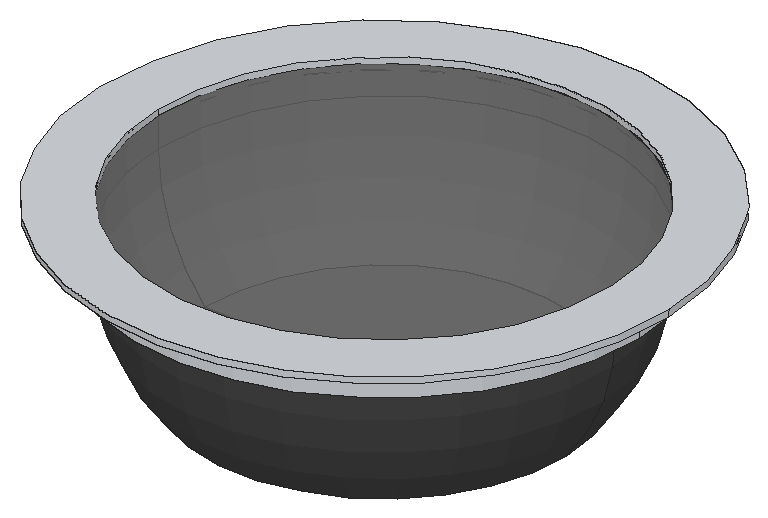
Revit family "3031811 Lighting Fixture_Sylvania_Syl-Lighter II_Ceiling Recessed", category Lighting Fixtures, host Face, Revit 2017
Family settings
  Host = Face
  Round Connector Dimension = Use Diameter
  Part Type = Normal
  OmniClass Number = 23.80.70.11.17
  OmniClass Title = Specialized Lighting by Location or Use
  Cut with Voids When Loaded = No
  Light Source = Yes
  Shared = No
  Room Calculation Point = No
Parameters (values of type "Syl-Lighter LED II 195 RO 15W NW 1-10V")
  Weight = 0.45 kg
  Wattage = 15.001 W
  built-in parameter 1150110 = 1 (stored number, unit not read)
  Voltage Comments = "UNV (Universal Voltage; 220-240 Volt)"  # constant formula
  Voltage = 240 V  # constant formula
  URL = "http://www.sylvania-lighting.com"
  built-in parameter 1114217 = 1 (stored number, unit not read)
  Tilt Angle = -90.00°  # constant formula
  built-in parameter 1150109 = 1 (stored number, unit not read)
  built-in parameter 1150134 = 12
  Ta Rating = "-10°C to +40°C"  # constant formula
  built-in parameter 1150113 = 1 (stored number, unit not read)
  Recessed Depth = Height  # 55.0 mm
  IP Rating = "IP44"  # constant formula
  IK Rating = "IK07"  # constant formula
  Energy Class = "A++, A+, A"  # constant formula
  Dimmable = "DALI"  # constant formula
  Catalog Number = "3031811 Syl-Lighter LED II 195 RO 15W NW 1-10V"
  Body Material = Metal_Sylvania_Syl-Lighter LED II_Silver
  Product Page URL = "http://www.sylvania-lighting.com/product/en-int/products/3031811"
  Product Family = "SYL-LIGHTER LED II"  # constant formula
  Photometry Comments = ""
  Photometric Web File = "3031811_Syl-LighterLEDII195RO15WNW1-10V-187589.ies"
  built-in parameter 1150105 = 830.94 (stored number, unit not read)
  Lumens = 1480 lm
  built-in parameter 1150115 = 1 (stored number, unit not read)
  built-in parameter 1150137 = (empty or 0)
  built-in parameter 1150139 = (empty or 0)
  Life = "50 000h"  # constant formula
  built-in parameter 1150112 = 1 (stored number, unit not read)
  built-in parameter 1150114 = 1 (stored number, unit not read)
  Lamp Comments = "Integrated LED"
  built-in parameter 1150132 = 2
  built-in parameter 1150102 = (empty or 0)
  built-in parameter 1150107 = 4000 (stored number, unit not read)
  built-in parameter 1150138 = (empty or 0)
  built-in parameter 1150106 = 8.3094 (stored number, unit not read)
  Glow Wire Test = 650 °C  # constant formula
  Emit from Circle Diameter = Diffuser Diameter  # 155.0 mm
  Emit Shape Visible in Rendering = no
  built-in parameter 1150104 = 9.1658 (stored number, unit not read)
  Drive Current = "300mA"
  Dimming Lamp Color Temperature Shift = <None>
  Diffuser Radius = Diffuser Diameter / 2  # 77.5 mm
  Diffuser Diameter = Diameter - 20.0 mm  # 155.0 mm
  Inner Diameter = Diameter - 4.0 mm  # 171.0 mm
  Cutout Diameter = Diameter  # 175.0 mm
  Color Filter = 16777215
  Beam Angle = 74.00°
  built-in parameter 1114218 = 1 (stored number, unit not read)
  built-in parameter 1150133 = 10 (stored number, unit not read)
  Height = 55.0 mm
  Electrical Protection = "CLASS II"  # constant formula
  built-in parameter 1114216 [instance] = 1 (stored number, unit not read)
  Model = "Syl-Lighter LED II 195 RO 15W NW 1-10V"
  Manufacturer = "Feilo Sylvania"  # constant formula
  Lamp = "LED"
  Diffuser Material = Polycarbonate_Sylvania_Syl-Lighter LED II_Opal
  Description = "Syl-Lighter LED II is available in 4 different round body sizes: 165mm, 195mm, 220mm & 240mm Syl-Lighter LED II 165 12W delivers a 1,134 lumen output (4,000K) - perfect for 1x26W CFL replacement Syl-Lighter LED II 195 15W delivers a 1,480 lumen output (4,000K) - perfect for 1x32W/2x18W CFL replacement Syl-Lighter LED II 220 21W delivers a 1,989 lumen output (4,000K) - perfect for 1x42W CFL replacement Syl-Lighter LED II 240 25W delivers a 2,289 lumen output (4,000K)- perfect for 2x26W CFL replacement High efficacy up to 99lm/W (Syl-Lighter LED II 195 4,000K) IP44 rating allows for installation in applicable wet zone areas Choice of 3,000K (warm white) or 4,000K (neutral white) Shallow recess depth of <65mm Can replace existing large CFL downlights using a 225mm ceiling cut out (Syl-Lighter LED II 240) Energy efficient electronic gear including analogue 1-10V and DALI dimmable options IK07 polycarbonate diffuser allows for a wider light distribution than a reflector downlight, allowing for increased spacings between luminaires 3 hour emergency pack available (to be ordered in addition to the luminaire) Ideal for applications such as corridors, public WCs and back of house areas Quick and easy to install Loop in-Loop out facility with red push fit terminal block for quick wiring White bezel (RAL 9003) Energy Class: A++, A+, A Long lifetime: 50,000 hours life at L70 (L80: 30,000 hours, L90: 15,000 hours)"  # constant formula
  Default Elevation = 0.0 mm
  built-in parameter 1140040 [instance] = 1
  Assembly Code = "D5020200"
  Apparent Load Comments = ""
  Apparent Load = 15 VA
  Accessory Radius = Accessory Diameter / 2  # 97.5 mm
  Accessory Material = Aluminum_Sylvania_Syl-Lighter LED II_White_RAL 9003
  Diameter = 175.0 mm
  Accessory Diameter = 195.0 mm
Reference planes
  plane 1 "Center (Front/Back)": y = 0
  plane 2: z = 0
  plane 3 "Center (Left/Right)": x = 0
  plane 4 "Fixture Bottom": z = 2
  plane 5: z = -10
  plane 6 "Fixture Top": z = -55
  plane 7: z = -2
Forms (mm)
  Extrusion 1, void
    sketch origin (0, 0, 58) x (-1, 0, 0) y (0, -1, 0)
      loop
        circle (0, 0) r 87.5
    from -171 to -55
  Extrusion 2, solid, detail levels fine
    sketch origin (0, 0, 58) x (-1, 0, 0) y (0, -1, 0)
      loop
        circle (0, 0) r 87.5
      loop
        circle (0, 0) r 85.5
    from -68 to -58
  Extrusion 3, solid, detail levels fine
    sketch origin (0, 0, 58) x (-1, 0, 0) y (0, -1, 0)
      loop
        circle (0, 0) r 97.5
      loop
        circle (0, 0) r 77.5
    from -58 to -56
  Extrusion 4, solid, material "Polycarbonate_Sylvania_Syl-Lighter LED II_Opal" <- "Diffuser Material", detail levels fine
    sketch origin (0, 0, 58) x (-1, 0, 0) y (0, -1, 0)
      loop
        circle (0, 0) r 77.5
    from -60 to -58
  Revolve 5, solid, material "Metal_Sylvania_Syl-Lighter LED II_Silver" <- "Body Material", detail levels fine
    sketch origin (0, 0, 0) x (1, 0, 0) y (0, 0, 1)
      loop
        line (-77.5, 0) -> (-79.5, 0) -> (-79.5, -10)
        arc (-79.5, -10) -> (-75.108, -34.052) -> (-62.5, -55) r 68.059
        line (-62.5, -55) -> (0, -55) -> (0, -53) -> (-61.589, -53)
        arc (-61.589, -53) -> (-73.395, -32.925) -> (-77.5, -10) r 66.059
        line (-77.5, -10) -> (-77.5, 0)
      axis (0, -55) -> (0, 0)
    angle from 0 to 360
  Revolve 6, solid, material "Aluminum_Sylvania_Syl-Lighter LED II_White_RAL 9003" <- "Accessory Material", detail levels coarse+medium
    sketch origin (0, 0, 0) x (1, 0, 0) y (0, 0, 1)
      loop
        line (-97.5, 2) -> (-97.5, 0) -> (-90, 0) -> (-90, -10) -> (-82, -10)
        arc (-82, -10) -> (-77.608, -34.052) -> (-65, -55) r 68.059
        line (-65, -55) -> (0, -55) -> (0, 2) -> (-97.5, 2)
      axis (0, 2) -> (0, -55)
    angle from 0 to 360
Cuts and joins
  joined: Extrusion 2, Extrusion 3
Lines and regions (mm)
  Masking region 1
    outline origin (0, 0, 58) x (-1, 0, 0) y (0, -1, 0)
      loop
        circle (0, 0) r 97.5
  symbolic lines, detail levels fine
    curve 1: arc (-77.5, 0, 58) -> (0, 77.5, 58) -> (77.5, 0, 58) r 77.5
    curve 2: arc (77.5, 0, 58) -> (0, -77.5, 58) -> (-77.5, 0, 58) r 77.5
Dimensions and locks
  locked: plane 4 "Fixture Bottom" to plane 2 at 2
  locked: plane 2 to plane 5 at 10
  "Height": plane 2 to plane 6 "Fixture Top"
  locked: plane 2 to plane 7 at 2
  "Diffuser Radius": plane 3 "Center (Left/Right)" to Revolve 5 sketch curve
  locked: Revolve 5 sketch curve to Revolve 5 sketch curve at 2
  locked: Revolve 5 sketch curve to Revolve 5 sketch curve at 15
  "Accessory Radius": plane 3 "Center (Left/Right)" to Revolve 6 sketch curve
  Revolve 6 sketch curve to Revolve 6 sketch curve to Revolve 6 sketch curve to Revolve 6 sketch curve = 7.5 mm locked, 8.0 mm locked, 17.0 mm locked
  "Cutout Diameter": diameter of Extrusion 1 sketch curve
  "Diameter": diameter of Extrusion 2 sketch curve
  "Inner Diameter": diameter of Extrusion 2 sketch curve
  "Accessory Diameter": diameter of Extrusion 3 sketch curve
  "Diffuser Diameter": diameter of Extrusion 3 sketch curve
  "Diffuser Diameter": diameter of Extrusion 4 sketch curve
  "Accessory Diameter": diameter of Masking region 1 sketch curve
  aligned and locked: host face to plane 2
  aligned and locked: host face to level
  aligned and locked: plane 4 "Fixture Bottom" to Extrusion 3
  aligned and locked: Extrusion 3 to plane 2
  aligned and locked: Extrusion 2 to plane 5
  aligned and locked: plane 2 to Extrusion 2
  aligned and locked: Extrusion 4 to plane 7
  aligned and locked: plane 2 to Extrusion 4
  aligned and locked: Revolve 5 sketch curve to plane 2
  aligned and locked: plane 5 to Revolve 5 sketch curve  (x2)
  aligned and locked: Revolve 5 sketch curve to plane 3 "Center (Left/Right)"
  aligned and locked: plane 3 "Center (Left/Right)" to Revolve 5 sketch curve
  aligned and locked: Revolve 6 sketch curve to plane 5
  aligned and locked: Revolve 6 sketch curve to plane 2
  aligned and locked: Revolve 6 sketch curve to plane 4 "Fixture Bottom"
  aligned and locked: plane 3 "Center (Left/Right)" to Revolve 6 sketch curve
  aligned and locked: Revolve 6 sketch curve to plane 3 "Center (Left/Right)"
  aligned and locked: plane 3 "Center (Left/Right)" to imposter light
  aligned and locked: imposter light to plane 1 "Center (Front/Back)"
  aligned and locked: imposter light to plane 4 "Fixture Bottom"
  aligned and locked: curve 1 to cut or joined group of Extrusion 2, Extrusion 3
Automatic sketch dimensions
  host sketch curve to host sketch curve = 700.0 mm
  host sketch curve to host sketch curve = 620.0 mm
  plane 1 "Center (Front/Back)" to Extrusion 1 sketch curve = 0.0 mm
  Extrusion 1 sketch curve to plane 3 "Center (Left/Right)" = 0.0 mm
  Extrusion 2 sketch curve to Extrusion 2 sketch curve = 0.0 mm  (x2)
  plane 1 "Center (Front/Back)" to Extrusion 2 sketch curve = 0.0 mm
  Extrusion 2 sketch curve to plane 3 "Center (Left/Right)" = 0.0 mm
  Extrusion 3 sketch curve to Extrusion 3 sketch curve = 0.0 mm  (x2)
  plane 1 "Center (Front/Back)" to Extrusion 3 sketch curve = 0.0 mm
  Extrusion 3 sketch curve to plane 3 "Center (Left/Right)" = 0.0 mm
  plane 1 "Center (Front/Back)" to Extrusion 4 sketch curve = 0.0 mm
  Extrusion 4 sketch curve to plane 3 "Center (Left/Right)" = 0.0 mm
  Revolve 5 sketch curve to Revolve 5 sketch curve = 0.0 mm
  Revolve 5 sketch curve to plane 6 "Fixture Top" = 0.0 mm
  plane 6 "Fixture Top" to Revolve 5 sketch curve = 2.0 mm
  Revolve 5 sketch curve to Revolve 5 sketch curve = 17.111 mm
  plane 4 "Fixture Bottom" to Revolve 5 sketch curve = 20.889 mm
  Revolve 6 sketch curve to plane 6 "Fixture Top" = 0.0 mm
  Revolve 6 sketch curve to plane 6 "Fixture Top" = 63.885 mm
  Revolve 6 sketch curve to Revolve 6 sketch curve = 84.115 mm
  plane 1 "Center (Front/Back)" to Masking region 1 sketch curve = 0.0 mm
  Masking region 1 sketch curve to plane 3 "Center (Left/Right)" = 0.0 mm
Connectors
  electrical at (0, 0, -55), driven by "Apparent Load", driven by "Voltage"
    settings: on Revolve 5, index 1, voltage 240 V, apparent load 0 VA, apparent load phase1 15 VA, apparent load phase2 0 VA, apparent load phase3 0 VA, power factor 1, load classification "Lighting", number of poles 1, system type 31, power factor state 1, is connector primary yes, connector utility no, sub classification motor no, connector description ""
